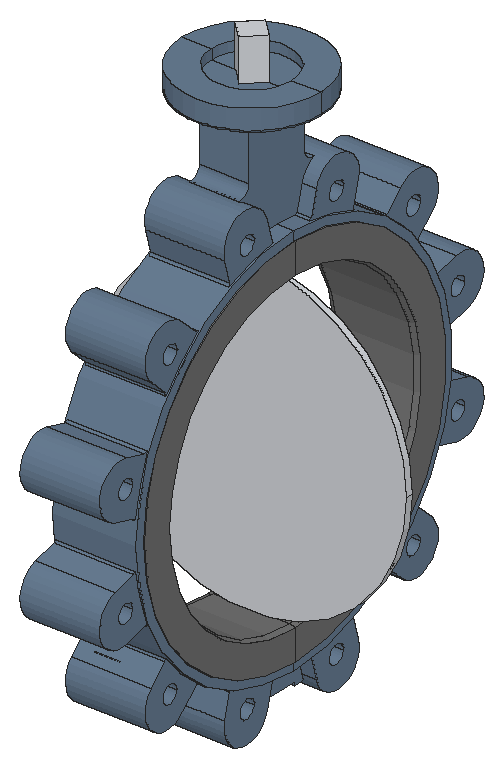
Revit family "Запорно-регулирующая заслонка AF-4219", category Rohrzubehör, Revit 2018 (continued)
Lines and regions (mm)
  model lines, detail levels coarse+medium
    curve 8: line (-39, 0, -183) -> (39, 0, -183)
    curve 9: line (39, 0, -183) -> (39, 0, 183)
    curve 10: line (39, 0, 183) -> (-39, 0, 183)
    curve 11: line (39, 0, -183) -> (-39, 0, 183)
    curve 12: circle (0, 0, 0) r 5 normal (0, -1, 0)
Dimensions and locks
  "H01": Revolve 2 sketch curve to plane 2
  "H02": Revolve 2 sketch curve to Revolve 2 sketch curve
  "R01": Revolve 2 sketch curve to Revolve 2 sketch curve
  "D01": plane 2 to Revolve 1 sketch curve
  "D02": plane 2 to Revolve 1 sketch curve
  "D03": plane 2 to Revolve 1 sketch curve
  "L01": Revolve 1 sketch curve to plane 3 "Mitte (Links/rechts)"
  "L02": plane 3 "Mitte (Links/rechts)" to Revolve 1 sketch curve  (x2)
  "D05": Revolve 6 sketch curve to plane 2
  "D04": Revolve 6 sketch curve to plane 2  (x2)
  "D02": Revolve 6 sketch curve to plane 2  (x2)
  "L03": plane 3 "Mitte (Links/rechts)" to Revolve 6 sketch curve
  "L02": Revolve 6 sketch curve to plane 3 "Mitte (Links/rechts)"
  "L03": Revolve 6 sketch curve to plane 3 "Mitte (Links/rechts)"
  "L01": plane 3 "Mitte (Links/rechts)" to Revolve 1 sketch curve
  "D02": Revolve 1 sketch curve to plane 2
  "L02": plane 3 "Mitte (Links/rechts)" to Revolve 6 sketch curve
  "D03": plane 2 to Revolve 6 sketch curve
  "L04": Revolve 6 sketch curve to plane 3 "Mitte (Links/rechts)" to Revolve 6 sketch curve
  "L01": curve 2 to plane 3 "Mitte (Links/rechts)" to curve 4
  equal spacing: curve 3, curve 6, curve 1
  equal spacing: curve 2, curve 6, curve 4
  "D01": curve 1 to plane 1 "Mitte (Vorne/hinten)" to curve 3
  "L01": curve 7 to curve 12 to curve 9
  "D01": curve 10 to curve 12 to curve 8
  "H03": Revolve 2 sketch curve to Revolve 2 sketch curve
  "R02": Revolve 2 sketch curve to Revolve 2 sketch curve
  equal spacing: Extrusion 24 sketch curve, curve 11, Extrusion 24 sketch curve  (x2)
  "L05": Extrusion 24 sketch curve to Extrusion 24 sketch curve  (x2)
  "H04": Extrusion 24 to plane 2
  "H05": Extrusion 24 to Revolve 2
  "R99": radius of Revolve 2 sketch curve
  "D06": radius of Extrusion 7 sketch curve
  radius of curve 6 = 5.000 mm
  radius of curve 12 = 5.000 mm
  aligned and locked: level to plane 2
Automatic sketch dimensions
  Extrusion 3 sketch curve to Extrusion 3 sketch curve = 0.000 mm  (x20)
  Extrusion 3 sketch curve to level = 0.000 mm
  Extrusion 3 sketch curve to plane 1 "Mitte (Vorne/hinten)" = 0.000 mm
  plane 1 "Mitte (Vorne/hinten)" to Extrusion 3 sketch curve = 18.495 mm  (x2)
  Extrusion 3 sketch curve to Extrusion 3 sketch curve = 1.414 mm  (x16)
  Extrusion 3 sketch curve to Extrusion 3 sketch curve = 12.265 mm  (x8)
  Extrusion 3 sketch curve to level = 19.909 mm  (x2)
  Extrusion 3 sketch curve to Extrusion 3 sketch curve = 24.042 mm  (x8)
  level to Extrusion 3 sketch curve = 19.909 mm  (x2)
  Extrusion 3 sketch curve to Extrusion 3 sketch curve = 12.021 mm  (x12)
  Extrusion 3 sketch curve to plane 1 "Mitte (Vorne/hinten)" = 18.495 mm  (x2)
  Extrusion 3 sketch curve to Extrusion 3 sketch curve = 0.934 mm  (x4)
  Extrusion 4 sketch curve to level = 0.000 mm
  Extrusion 4 sketch curve to plane 1 "Mitte (Vorne/hinten)" = 0.000 mm
  plane 1 "Mitte (Vorne/hinten)" to Extrusion 4 sketch curve = 18.495 mm
  Extrusion 4 sketch curve to Extrusion 4 sketch curve = 1.414 mm  (x4)
  plane 1 "Mitte (Vorne/hinten)" to Extrusion 4 sketch curve = 20.000 mm
  Extrusion 4 sketch curve to Extrusion 4 sketch curve = 12.265 mm  (x2)
  Extrusion 4 sketch curve to Extrusion 4 sketch curve = 15.000 mm  (x2)
  Extrusion 4 sketch curve to Extrusion 4 sketch curve = 12.021 mm  (x4)
  Extrusion 4 sketch curve to plane 1 "Mitte (Vorne/hinten)" = 18.495 mm
  Extrusion 4 sketch curve to plane 1 "Mitte (Vorne/hinten)" = 20.000 mm
  level to Extrusion 4 sketch curve = 43.950 mm
  Extrusion 4 sketch curve to Extrusion 4 sketch curve = 0.000 mm
  Extrusion 4 sketch curve to Extrusion 4 sketch curve = 0.244 mm  (x2)
  Extrusion 4 sketch curve to Extrusion 4 sketch curve = 18.630 mm  (x2)
  Extrusion 4 sketch curve to Extrusion 4 sketch curve = 0.934 mm
  Extrusion 5 sketch curve to level = 0.000 mm
  Extrusion 5 sketch curve to plane 1 "Mitte (Vorne/hinten)" = 0.000 mm
  plane 1 "Mitte (Vorne/hinten)" to Extrusion 5 sketch curve = 15.000 mm
  Extrusion 5 sketch curve to Extrusion 5 sketch curve = 1.963 mm  (x2)
  Extrusion 5 sketch curve to Extrusion 5 sketch curve = 1.531 mm  (x2)
  Extrusion 5 sketch curve to Extrusion 5 sketch curve = 1.414 mm  (x4)
  Extrusion 5 sketch curve to Extrusion 5 sketch curve = 15.210 mm  (x2)
  Extrusion 5 sketch curve to Extrusion 5 sketch curve = 1.660 mm  (x2)
  Extrusion 5 sketch curve to Extrusion 5 sketch curve = 12.021 mm  (x3)
  Extrusion 5 sketch curve to plane 1 "Mitte (Vorne/hinten)" = 15.000 mm
  Extrusion 5 sketch curve to Extrusion 5 sketch curve = 1.037 mm  (x2)
  Extrusion 5 sketch curve to Extrusion 5 sketch curve = 1.400 mm  (x2)
  Extrusion 5 sketch curve to Extrusion 5 sketch curve = 1.785 mm  (x2)
  Extrusion 5 sketch curve to Extrusion 5 sketch curve = 12.635 mm  (x2)
  Extrusion 5 sketch curve to Extrusion 5 sketch curve = 0.934 mm
  Extrusion 5 sketch curve to Extrusion 5 sketch curve = 0.788 mm  (x2)
  Extrusion 5 sketch curve to Extrusion 5 sketch curve = 0.000 mm  (x2)
  Extrusion 4 sketch curve to Extrusion 4 sketch curve = 37.155 mm
  Extrusion 5 sketch curve to level = 43.950 mm
  Extrusion 8 sketch curve to Extrusion 8 sketch curve = 0.000 mm  (x12)
  Extrusion 8 sketch curve to level = 39.244 mm  (x2)
  plane 1 "Mitte (Vorne/hinten)" to Extrusion 8 sketch curve = 63.286 mm
  level to Extrusion 8 sketch curve = 39.244 mm  (x2)
  Extrusion 8 sketch curve to Extrusion 8 sketch curve = 9.190 mm  (x2)
  level to Extrusion 8 sketch curve = 28.614 mm  (x2)
  Extrusion 8 sketch curve to Extrusion 8 sketch curve = 1.441 mm  (x8)
  Extrusion 8 sketch curve to level = 28.614 mm  (x2)
  Extrusion 8 sketch curve to Extrusion 8 sketch curve = 12.021 mm  (x6)
  level to Extrusion 8 sketch curve = 63.286 mm  (x2)
  Extrusion 8 sketch curve to level = 63.286 mm  (x2)
  level to Extrusion 8 sketch curve = 52.636 mm  (x2)
  Extrusion 8 sketch curve to Extrusion 8 sketch curve = 10.650 mm  (x4)
  Extrusion 8 sketch curve to level = 52.636 mm  (x2)
  Extrusion 8 sketch curve to Extrusion 8 sketch curve = 1.414 mm  (x8)
  level to Extrusion 8 sketch curve = 0.001 mm  (x2)
  Extrusion 8 sketch curve to Extrusion 8 sketch curve = 28.594 mm
  Extrusion 8 sketch curve to level = 0.001 mm  (x2)
  Extrusion 8 sketch curve to Extrusion 8 sketch curve = 0.001 mm  (x2)
  Extrusion 8 sketch curve to Extrusion 8 sketch curve = 54.361 mm  (x2)
  Extrusion 8 sketch curve to Extrusion 8 sketch curve = 1.390 mm  (x2)
  Extrusion 8 sketch curve to Extrusion 8 sketch curve = 10.630 mm  (x2)
  Extrusion 8 sketch curve to Extrusion 8 sketch curve = 1.832 mm  (x2)
  Extrusion 9 sketch curve to Extrusion 9 sketch curve = 0.000 mm  (x5)
  Extrusion 9 sketch curve to level = 0.000 mm
  Extrusion 9 sketch curve to level = 51.265 mm
  plane 1 "Mitte (Vorne/hinten)" to Extrusion 9 sketch curve = 51.265 mm
  level to Extrusion 9 sketch curve = 51.265 mm
  Extrusion 9 sketch curve to Extrusion 9 sketch curve = 9.247 mm  (x3)
  Extrusion 9 sketch curve to level = 63.286 mm  (x2)
  Extrusion 9 sketch curve to Extrusion 9 sketch curve = 2.774 mm  (x4)
  level to Extrusion 9 sketch curve = 63.286 mm  (x2)
  Extrusion 9 sketch curve to Extrusion 9 sketch curve = 2.244 mm  (x2)
  Extrusion 9 sketch curve to Extrusion 9 sketch curve = 0.183 mm  (x2)
  level to Extrusion 9 sketch curve = 52.636 mm  (x2)
  Extrusion 9 sketch curve to Extrusion 9 sketch curve = 10.650 mm  (x3)
  Extrusion 9 sketch curve to level = 52.636 mm  (x2)
  Extrusion 9 sketch curve to Extrusion 9 sketch curve = 1.414 mm  (x8)
  Extrusion 9 sketch curve to Extrusion 9 sketch curve = 14.817 mm  (x2)
  Extrusion 9 sketch curve to Extrusion 9 sketch curve = 7.210 mm
  Extrusion 9 sketch curve to Extrusion 9 sketch curve = 1.971 mm
  Extrusion 9 sketch curve to Extrusion 9 sketch curve = 28.595 mm
  Extrusion 9 sketch curve to Extrusion 9 sketch curve = 36.000 mm
  Extrusion 9 sketch curve to Extrusion 9 sketch curve = 1.997 mm
  Extrusion 9 sketch curve to Extrusion 9 sketch curve = 44.000 mm
  Extrusion 9 sketch curve to Extrusion 9 sketch curve = 5.181 mm
  Extrusion 9 sketch curve to Extrusion 9 sketch curve = 7.184 mm
  Extrusion 9 sketch curve to Extrusion 9 sketch curve = 12.021 mm  (x2)
  Extrusion 9 sketch curve to Extrusion 9 sketch curve = 14.891 mm
  Extrusion 9 sketch curve to Extrusion 9 sketch curve = 6.473 mm
  Extrusion 9 sketch curve to Extrusion 9 sketch curve = 12.756 mm  (x2)
  Extrusion 9 sketch curve to Extrusion 9 sketch curve = 55.987 mm
  Extrusion 10 sketch curve to Extrusion 10 sketch curve = 0.000 mm  (x48)
  level to Extrusion 10 sketch curve = 14.909 mm  (x2)
  plane 1 "Mitte (Vorne/hinten)" to Extrusion 10 sketch curve = 80.416 mm
  Extrusion 10 sketch curve to level = 14.909 mm  (x2)
  Extrusion 10 sketch curve to Extrusion 10 sketch curve = 6.506 mm  (x6)
  Extrusion 10 sketch curve to level = 46.321 mm  (x2)
  level to Extrusion 10 sketch curve = 46.321 mm  (x2)
  Extrusion 10 sketch curve to level = 7.243 mm
  Extrusion 10 sketch curve to Extrusion 10 sketch curve = 13.321 mm
  level to Extrusion 10 sketch curve = 7.243 mm
  Extrusion 10 sketch curve to level = 9.076 mm  (x2)
  Extrusion 10 sketch curve to Extrusion 10 sketch curve = 0.759 mm  (x8)
  level to Extrusion 10 sketch curve = 9.076 mm  (x2)
  level to Extrusion 10 sketch curve = 40.487 mm  (x2)
  Extrusion 10 sketch curve to Extrusion 10 sketch curve = 14.082 mm  (x4)
  Extrusion 10 sketch curve to level = 40.487 mm  (x2)
  Extrusion 10 sketch curve to Extrusion 10 sketch curve = 0.758 mm  (x8)
  level to Extrusion 10 sketch curve = 67.405 mm  (x2)
  Extrusion 10 sketch curve to Extrusion 10 sketch curve = 6.243 mm  (x2)
  Extrusion 10 sketch curve to level = 67.405 mm  (x2)
  Extrusion 10 sketch curve to Extrusion 10 sketch curve = 10.245 mm  (x4)
  level to Extrusion 10 sketch curve = 53.322 mm  (x2)
  Extrusion 10 sketch curve to Extrusion 10 sketch curve = 1.831 mm  (x8)
  Extrusion 10 sketch curve to level = 53.322 mm  (x2)
  Extrusion 10 sketch curve to Extrusion 10 sketch curve = 15.706 mm  (x6)
  level to Extrusion 10 sketch curve = 80.416 mm  (x2)
  Extrusion 10 sketch curve to level = 80.416 mm  (x2)
  Extrusion 10 sketch curve to level = 66.335 mm  (x2)
  Extrusion 10 sketch curve to Extrusion 10 sketch curve = 5.832 mm  (x4)
  level to Extrusion 10 sketch curve = 66.335 mm  (x2)
  Extrusion 10 sketch curve to Extrusion 10 sketch curve = 1.833 mm  (x6)
  level to Extrusion 10 sketch curve = 0.000 mm
  Extrusion 10 sketch curve to Extrusion 10 sketch curve = 14.486 mm  (x2)
  Extrusion 10 sketch curve to Extrusion 10 sketch curve = 9.873 mm  (x2)
  Extrusion 10 sketch curve to Extrusion 10 sketch curve = 5.833 mm  (x2)
  Extrusion 10 sketch curve to Extrusion 10 sketch curve = 13.013 mm
  Extrusion 10 sketch curve to Extrusion 10 sketch curve = 14.081 mm  (x2)
  Extrusion 10 sketch curve to Extrusion 10 sketch curve = 1.973 mm  (x4)
  Extrusion 10 sketch curve to Extrusion 10 sketch curve = 1.544 mm  (x4)
  Extrusion 10 sketch curve to Extrusion 10 sketch curve = 1.243 mm  (x3)
  Extrusion 10 sketch curve to Extrusion 10 sketch curve = 0.211 mm  (x2)
  Extrusion 10 sketch curve to Extrusion 10 sketch curve = 0.002 mm  (x5)
  Extrusion 10 sketch curve to Extrusion 10 sketch curve = 0.213 mm  (x2)
  Extrusion 10 sketch curve to Extrusion 10 sketch curve = 41.076 mm
  Extrusion 10 sketch curve to level = 0.000 mm
  level to Extrusion 11 sketch curve = 100.814 mm
  plane 1 "Mitte (Vorne/hinten)" to Extrusion 11 sketch curve = 32.000 mm
  Extrusion 11 sketch curve to Extrusion 11 sketch curve = 1.385 mm
  Extrusion 11 sketch curve to Extrusion 11 sketch curve = 10.000 mm  (x2)
  Extrusion 11 sketch curve to level = 80.416 mm
  Extrusion 11 sketch curve to Extrusion 11 sketch curve = 15.706 mm  (x3)
  level to Extrusion 11 sketch curve = 80.416 mm  (x2)
  Extrusion 11 sketch curve to Extrusion 11 sketch curve = 1.409 mm
  Extrusion 11 sketch curve to level = 66.335 mm  (x2)
  Extrusion 11 sketch curve to Extrusion 11 sketch curve = 5.832 mm  (x3)
  level to Extrusion 11 sketch curve = 66.335 mm  (x2)
  Extrusion 11 sketch curve to Extrusion 11 sketch curve = 1.833 mm  (x4)
  level to Extrusion 11 sketch curve = 0.554 mm
  Extrusion 11 sketch curve to Extrusion 11 sketch curve = 9.076 mm
  Extrusion 11 sketch curve to level = 0.554 mm
  Extrusion 11 sketch curve to Extrusion 11 sketch curve = 0.000 mm  (x3)
  Extrusion 11 sketch curve to Extrusion 11 sketch curve = 14.486 mm  (x2)
  Extrusion 11 sketch curve to Extrusion 11 sketch curve = 44.000 mm
  Extrusion 11 sketch curve to Extrusion 11 sketch curve = 0.759 mm  (x4)
  Extrusion 11 sketch curve to Extrusion 11 sketch curve = 6.506 mm
  Extrusion 11 sketch curve to Extrusion 11 sketch curve = 42.686 mm
  Extrusion 11 sketch curve to level = 80.371 mm
  Extrusion 11 sketch curve to Extrusion 11 sketch curve = 1.390 mm
  Extrusion 11 sketch curve to Extrusion 11 sketch curve = 27.000 mm
  Extrusion 12 sketch curve to Extrusion 12 sketch curve = 0.000 mm  (x40)
  Extrusion 12 sketch curve to level = 0.000 mm
  level to Extrusion 12 sketch curve = 18.736 mm  (x2)
  plane 1 "Mitte (Vorne/hinten)" to Extrusion 12 sketch curve = 89.655 mm
  Extrusion 12 sketch curve to level = 18.736 mm  (x2)
  Extrusion 12 sketch curve to Extrusion 12 sketch curve = 6.506 mm  (x6)
  Extrusion 12 sketch curve to level = 50.147 mm  (x2)
  level to Extrusion 12 sketch curve = 50.147 mm  (x2)
  Extrusion 12 sketch curve to Extrusion 12 sketch curve = 13.415 mm  (x2)
  Extrusion 12 sketch curve to level = 12.858 mm  (x2)
  Extrusion 12 sketch curve to Extrusion 12 sketch curve = 0.776 mm  (x8)
  level to Extrusion 12 sketch curve = 12.858 mm  (x2)
  Extrusion 12 sketch curve to level = 44.269 mm  (x2)
  Extrusion 12 sketch curve to Extrusion 12 sketch curve = 14.192 mm  (x4)
  level to Extrusion 12 sketch curve = 44.269 mm  (x2)
  Extrusion 12 sketch curve to Extrusion 12 sketch curve = 0.775 mm  (x8)
  level to Extrusion 12 sketch curve = 76.644 mm  (x2)
  Extrusion 12 sketch curve to Extrusion 12 sketch curve = 11.529 mm  (x2)
  Extrusion 12 sketch curve to level = 76.644 mm  (x2)
  Extrusion 12 sketch curve to Extrusion 12 sketch curve = 4.008 mm  (x2)
  level to Extrusion 12 sketch curve = 62.451 mm  (x2)
  Extrusion 12 sketch curve to Extrusion 12 sketch curve = 1.871 mm  (x8)
  Extrusion 12 sketch curve to level = 62.451 mm  (x2)
  Extrusion 12 sketch curve to Extrusion 12 sketch curve = 15.706 mm  (x6)
  level to Extrusion 12 sketch curve = 89.655 mm  (x2)
  Extrusion 12 sketch curve to level = 89.655 mm  (x2)
  Extrusion 12 sketch curve to level = 75.464 mm  (x2)
  Extrusion 12 sketch curve to Extrusion 12 sketch curve = 5.878 mm  (x4)
  level to Extrusion 12 sketch curve = 75.464 mm  (x2)
  Extrusion 12 sketch curve to Extrusion 12 sketch curve = 1.873 mm  (x8)
  Extrusion 12 sketch curve to Extrusion 12 sketch curve = 21.969 mm  (x2)
  Extrusion 12 sketch curve to Extrusion 12 sketch curve = 9.827 mm  (x2)
  Extrusion 12 sketch curve to Extrusion 12 sketch curve = 5.879 mm  (x2)
  Extrusion 12 sketch curve to Extrusion 12 sketch curve = 15.537 mm  (x2)
  Extrusion 12 sketch curve to Extrusion 12 sketch curve = 13.013 mm
  Extrusion 12 sketch curve to Extrusion 12 sketch curve = 14.190 mm  (x2)
  Extrusion 12 sketch curve to Extrusion 12 sketch curve = 44.269 mm
  Extrusion 13 sketch curve to Extrusion 13 sketch curve = 0.000 mm  (x5)
  Extrusion 13 sketch curve to level = 0.000 mm
  level to Extrusion 13 sketch curve = 114.470 mm
  plane 1 "Mitte (Vorne/hinten)" to Extrusion 13 sketch curve = 41.000 mm
  Extrusion 13 sketch curve to level = 83.149 mm
  Extrusion 13 sketch curve to Extrusion 13 sketch curve = 6.558 mm  (x2)
  Extrusion 13 sketch curve to Extrusion 13 sketch curve = 15.000 mm  (x2)
  level to Extrusion 13 sketch curve = 89.655 mm  (x2)
  Extrusion 13 sketch curve to Extrusion 13 sketch curve = 15.706 mm  (x2)
  Extrusion 13 sketch curve to Extrusion 13 sketch curve = 5.236 mm  (x2)
  level to Extrusion 13 sketch curve = 75.464 mm  (x2)
  Extrusion 13 sketch curve to Extrusion 13 sketch curve = 5.878 mm  (x3)
  Extrusion 13 sketch curve to level = 75.464 mm  (x2)
  Extrusion 13 sketch curve to Extrusion 13 sketch curve = 1.873 mm  (x4)
  Extrusion 13 sketch curve to Extrusion 13 sketch curve = 12.858 mm
  Extrusion 13 sketch curve to Extrusion 13 sketch curve = 21.969 mm
  Extrusion 13 sketch curve to Extrusion 13 sketch curve = 3.345 mm
  Extrusion 13 sketch curve to Extrusion 13 sketch curve = 3.000 mm  (x2)
  Extrusion 13 sketch curve to Extrusion 13 sketch curve = 6.506 mm  (x3)
  Extrusion 13 sketch curve to Extrusion 13 sketch curve = 0.776 mm  (x4)
  Extrusion 13 sketch curve to Extrusion 13 sketch curve = 31.321 mm
  Extrusion 13 sketch curve to Extrusion 13 sketch curve = 52.530 mm
  Extrusion 13 sketch curve to Extrusion 13 sketch curve = 11.129 mm  (x2)
  Extrusion 13 sketch curve to Extrusion 13 sketch curve = 9.812 mm  (x2)
  Extrusion 13 sketch curve to Extrusion 13 sketch curve = 3.078 mm
  Extrusion 13 sketch curve to Extrusion 13 sketch curve = 21.680 mm
  Extrusion 13 sketch curve to Extrusion 13 sketch curve = 2.515 mm
  Extrusion 13 sketch curve to Extrusion 13 sketch curve = 52.000 mm
  Extrusion 14 sketch curve to Extrusion 14 sketch curve = 0.000 mm  (x22)
  Extrusion 14 sketch curve to level = 24.476 mm  (x2)
  plane 1 "Mitte (Vorne/hinten)" to Extrusion 14 sketch curve = 103.513 mm
  level to Extrusion 14 sketch curve = 24.476 mm  (x2)
  Extrusion 14 sketch curve to Extrusion 14 sketch curve = 6.506 mm  (x6)
  Extrusion 14 sketch curve to Extrusion 14 sketch curve = 11.623 mm  (x2)
  Extrusion 14 sketch curve to level = 19.351 mm  (x2)
  Extrusion 14 sketch curve to Extrusion 14 sketch curve = 0.749 mm  (x8)
  level to Extrusion 14 sketch curve = 19.351 mm  (x2)
  Extrusion 14 sketch curve to level = 55.888 mm  (x2)
  level to Extrusion 14 sketch curve = 55.888 mm  (x2)
  Extrusion 14 sketch curve to level = 50.783 mm  (x2)
  Extrusion 14 sketch curve to Extrusion 14 sketch curve = 12.323 mm  (x4)
  level to Extrusion 14 sketch curve = 50.783 mm  (x2)
  Extrusion 14 sketch curve to Extrusion 14 sketch curve = 0.774 mm  (x8)
  level to Extrusion 14 sketch curve = 90.502 mm  (x2)
  Extrusion 14 sketch curve to Extrusion 14 sketch curve = 21.517 mm  (x2)
  Extrusion 14 sketch curve to level = 90.502 mm  (x2)
  Extrusion 14 sketch curve to Extrusion 14 sketch curve = 3.235 mm  (x2)
  Extrusion 14 sketch curve to level = 78.179 mm  (x2)
  Extrusion 14 sketch curve to Extrusion 14 sketch curve = 1.869 mm  (x8)
  level to Extrusion 14 sketch curve = 78.179 mm  (x2)
  Extrusion 14 sketch curve to Extrusion 14 sketch curve = 15.706 mm  (x6)
  level to Extrusion 14 sketch curve = 103.513 mm  (x2)
  Extrusion 14 sketch curve to level = 103.513 mm  (x2)
  level to Extrusion 14 sketch curve = 91.141 mm  (x2)
  Extrusion 14 sketch curve to Extrusion 14 sketch curve = 5.125 mm  (x4)
  Extrusion 14 sketch curve to level = 91.141 mm  (x2)
  Extrusion 14 sketch curve to Extrusion 14 sketch curve = 1.809 mm  (x8)
  Extrusion 14 sketch curve to level = 0.103 mm  (x2)
  Extrusion 14 sketch curve to Extrusion 14 sketch curve = 90.896 mm
  level to Extrusion 14 sketch curve = 0.103 mm  (x2)
  Extrusion 14 sketch curve to Extrusion 14 sketch curve = 0.142 mm  (x7)
  Extrusion 14 sketch curve to Extrusion 14 sketch curve = 0.207 mm  (x2)
  Extrusion 14 sketch curve to Extrusion 14 sketch curve = 35.084 mm  (x2)
  Extrusion 14 sketch curve to Extrusion 14 sketch curve = 10.601 mm  (x2)
  Extrusion 14 sketch curve to Extrusion 14 sketch curve = 5.104 mm  (x2)
  Extrusion 14 sketch curve to Extrusion 14 sketch curve = 24.752 mm  (x2)
  Extrusion 14 sketch curve to Extrusion 14 sketch curve = 12.962 mm  (x2)
  Extrusion 14 sketch curve to Extrusion 14 sketch curve = 12.372 mm  (x2)
  Extrusion 14 sketch curve to level = 0.245 mm
  Extrusion 14 sketch curve to Extrusion 14 sketch curve = 1.933 mm  (x2)
  Extrusion 14 sketch curve to Extrusion 14 sketch curve = 0.314 mm  (x2)
  level to Extrusion 15 sketch curve = 97.007 mm
  plane 1 "Mitte (Vorne/hinten)" to Extrusion 15 sketch curve = 40.182 mm
  Extrusion 15 sketch curve to level = 97.007 mm
  Extrusion 15 sketch curve to Extrusion 15 sketch curve = 0.000 mm  (x7)
  Extrusion 15 sketch curve to Extrusion 15 sketch curve = 4.132 mm
  Extrusion 15 sketch curve to Extrusion 15 sketch curve = 10.048 mm  (x2)
  Extrusion 15 sketch curve to Extrusion 15 sketch curve = 15.706 mm  (x3)
  level to Extrusion 15 sketch curve = 103.513 mm  (x2)
  level to Extrusion 15 sketch curve = 91.141 mm  (x2)
  Extrusion 15 sketch curve to Extrusion 15 sketch curve = 5.125 mm  (x3)
  Extrusion 15 sketch curve to level = 91.141 mm  (x2)
  Extrusion 15 sketch curve to Extrusion 15 sketch curve = 1.809 mm  (x4)
  Extrusion 15 sketch curve to Extrusion 15 sketch curve = 10.974 mm  (x2)
  Extrusion 15 sketch curve to level = 0.111 mm
  Extrusion 15 sketch curve to Extrusion 15 sketch curve = 19.350 mm
  level to Extrusion 15 sketch curve = 0.111 mm
  Extrusion 15 sketch curve to Extrusion 15 sketch curve = 35.081 mm
  Extrusion 15 sketch curve to Extrusion 15 sketch curve = 4.041 mm
  Extrusion 15 sketch curve to level = 103.513 mm
  Extrusion 15 sketch curve to Extrusion 15 sketch curve = 9.998 mm  (x2)
  Extrusion 15 sketch curve to Extrusion 15 sketch curve = 3.000 mm
  Extrusion 15 sketch curve to Extrusion 15 sketch curve = 6.505 mm  (x2)
  Extrusion 15 sketch curve to Extrusion 15 sketch curve = 0.749 mm  (x4)
  Extrusion 15 sketch curve to Extrusion 15 sketch curve = 20.176 mm  (x2)
  Extrusion 15 sketch curve to Extrusion 15 sketch curve = 62.311 mm
  Extrusion 15 sketch curve to Extrusion 15 sketch curve = 0.048 mm
  Extrusion 15 sketch curve to Extrusion 15 sketch curve = 11.626 mm  (x2)
  Extrusion 15 sketch curve to Extrusion 15 sketch curve = 27.000 mm
  Extrusion 15 sketch curve to Extrusion 15 sketch curve = 52.000 mm
  Extrusion 16 sketch curve to Extrusion 16 sketch curve = 0.000 mm  (x23)
  Extrusion 16 sketch curve to level = 26.521 mm  (x2)
  plane 1 "Mitte (Vorne/hinten)" to Extrusion 16 sketch curve = 118.902 mm
  level to Extrusion 16 sketch curve = 26.521 mm  (x2)
  Extrusion 16 sketch curve to Extrusion 16 sketch curve = 8.036 mm  (x6)
  Extrusion 16 sketch curve to Extrusion 16 sketch curve = 15.875 mm  (x2)
  level to Extrusion 16 sketch curve = 65.323 mm  (x2)
  Extrusion 16 sketch curve to level = 65.323 mm  (x2)
  level to Extrusion 16 sketch curve = 19.621 mm  (x2)
  Extrusion 16 sketch curve to Extrusion 16 sketch curve = 0.782 mm  (x8)
  Extrusion 16 sketch curve to level = 19.621 mm  (x2)
  Extrusion 16 sketch curve to level = 58.409 mm  (x2)
  Extrusion 16 sketch curve to Extrusion 16 sketch curve = 16.693 mm  (x4)
  level to Extrusion 16 sketch curve = 58.409 mm  (x2)
  Extrusion 16 sketch curve to Extrusion 16 sketch curve = 0.763 mm  (x8)
  Extrusion 16 sketch curve to level = 102.829 mm  (x2)
  Extrusion 16 sketch curve to Extrusion 16 sketch curve = 20.050 mm  (x2)
  level to Extrusion 16 sketch curve = 102.829 mm  (x2)
  Extrusion 16 sketch curve to Extrusion 16 sketch curve = 5.074 mm  (x2)
  level to Extrusion 16 sketch curve = 86.136 mm  (x2)
  Extrusion 16 sketch curve to Extrusion 16 sketch curve = 1.841 mm  (x8)
  Extrusion 16 sketch curve to level = 86.136 mm  (x2)
  Extrusion 16 sketch curve to Extrusion 16 sketch curve = 19.401 mm  (x6)
  level to Extrusion 16 sketch curve = 118.902 mm  (x2)
  Extrusion 16 sketch curve to level = 118.902 mm  (x2)
  level to Extrusion 16 sketch curve = 102.246 mm  (x2)
  Extrusion 16 sketch curve to Extrusion 16 sketch curve = 6.899 mm  (x4)
  Extrusion 16 sketch curve to level = 102.246 mm  (x2)
  Extrusion 16 sketch curve to Extrusion 16 sketch curve = 1.887 mm  (x8)
  level to Extrusion 16 sketch curve = 0.002 mm  (x2)
  Extrusion 16 sketch curve to Extrusion 16 sketch curve = 86.133 mm
  Extrusion 16 sketch curve to level = 0.002 mm
  Extrusion 16 sketch curve to Extrusion 16 sketch curve = 0.001 mm  (x8)
  Extrusion 16 sketch curve to Extrusion 16 sketch curve = 35.469 mm  (x2)
  Extrusion 16 sketch curve to Extrusion 16 sketch curve = 12.487 mm  (x2)
  Extrusion 16 sketch curve to Extrusion 16 sketch curve = 6.914 mm  (x2)
  Extrusion 16 sketch curve to Extrusion 16 sketch curve = 25.124 mm  (x2)
  Extrusion 16 sketch curve to Extrusion 16 sketch curve = 16.110 mm
  Extrusion 16 sketch curve to Extrusion 16 sketch curve = 16.656 mm  (x2)
  Extrusion 16 sketch curve to level = 0.003 mm
  Extrusion 16 sketch curve to Extrusion 16 sketch curve = 2.019 mm  (x2)
  Extrusion 16 sketch curve to Extrusion 16 sketch curve = 0.309 mm  (x2)
  Extrusion 16 sketch curve to Extrusion 16 sketch curve = 0.004 mm  (x2)
  Extrusion 17 sketch curve to Extrusion 17 sketch curve = 0.000 mm  (x7)
  Extrusion 17 sketch curve to level = 0.000 mm
  Extrusion 17 sketch curve to plane 1 "Mitte (Vorne/hinten)" = 0.000 mm
  plane 1 "Mitte (Vorne/hinten)" to Extrusion 17 sketch curve = 13.500 mm
  plane 1 "Mitte (Vorne/hinten)" to Extrusion 17 sketch curve = 17.734 mm  (x2)
  Extrusion 17 sketch curve to Extrusion 17 sketch curve = 1.887 mm  (x4)
  plane 1 "Mitte (Vorne/hinten)" to Extrusion 17 sketch curve = 26.000 mm
  Extrusion 17 sketch curve to Extrusion 17 sketch curve = 0.521 mm
  Extrusion 17 sketch curve to Extrusion 17 sketch curve = 13.021 mm  (x2)
  Extrusion 17 sketch curve to Extrusion 17 sketch curve = 4.341 mm  (x2)
  Extrusion 17 sketch curve to Extrusion 17 sketch curve = 10.000 mm  (x2)
  Extrusion 17 sketch curve to Extrusion 17 sketch curve = 19.401 mm  (x4)
  Extrusion 17 sketch curve to plane 1 "Mitte (Vorne/hinten)" = 13.500 mm
  Extrusion 17 sketch curve to plane 1 "Mitte (Vorne/hinten)" = 17.734 mm  (x2)
  Extrusion 17 sketch curve to Extrusion 17 sketch curve = 6.899 mm
  Extrusion 17 sketch curve to level = 102.246 mm
  Extrusion 17 sketch curve to Extrusion 17 sketch curve = 0.782 mm  (x4)
  Extrusion 17 sketch curve to Extrusion 17 sketch curve = 8.620 mm  (x4)
  Extrusion 17 sketch curve to Extrusion 17 sketch curve = 16.656 mm  (x4)
  Extrusion 17 sketch curve to Extrusion 17 sketch curve = 3.000 mm
  level to Extrusion 17 sketch curve = 102.246 mm
  Extrusion 17 sketch curve to Extrusion 17 sketch curve = 16.098 mm  (x2)
  Extrusion 17 sketch curve to Extrusion 17 sketch curve = 64.000 mm
  Extrusion 17 sketch curve to Extrusion 17 sketch curve = 4.938 mm
  Extrusion 18 sketch curve to Extrusion 18 sketch curve = 0.000 mm  (x62)
  Extrusion 18 sketch curve to level = 0.000 mm
  Extrusion 18 sketch curve to level = 17.891 mm  (x2)
  plane 1 "Mitte (Vorne/hinten)" to Extrusion 18 sketch curve = 147.909 mm
  level to Extrusion 18 sketch curve = 17.891 mm  (x2)
  Extrusion 18 sketch curve to Extrusion 18 sketch curve = 5.435 mm  (x6)
  Extrusion 18 sketch curve to level = 58.460 mm  (x2)
  level to Extrusion 18 sketch curve = 58.460 mm  (x2)
  Extrusion 18 sketch curve to Extrusion 18 sketch curve = 15.462 mm  (x2)
  level to Extrusion 18 sketch curve = 13.612 mm  (x2)
  Extrusion 18 sketch curve to Extrusion 18 sketch curve = 0.509 mm  (x8)
  Extrusion 18 sketch curve to level = 13.612 mm  (x2)
  Extrusion 18 sketch curve to level = 54.199 mm  (x2)
  Extrusion 18 sketch curve to Extrusion 18 sketch curve = 15.903 mm  (x4)
  level to Extrusion 18 sketch curve = 54.199 mm  (x2)
  Extrusion 18 sketch curve to Extrusion 18 sketch curve = 0.530 mm  (x8)
  Extrusion 18 sketch curve to level = 89.449 mm  (x2)
  Extrusion 18 sketch curve to Extrusion 18 sketch curve = 1.459 mm  (x2)
  level to Extrusion 18 sketch curve = 89.449 mm  (x2)
  Extrusion 18 sketch curve to Extrusion 18 sketch curve = 10.302 mm  (x2)
  Extrusion 18 sketch curve to level = 77.758 mm  (x2)
  Extrusion 18 sketch curve to Extrusion 18 sketch curve = 1.389 mm  (x8)
  level to Extrusion 18 sketch curve = 77.758 mm  (x2)
  Extrusion 18 sketch curve to Extrusion 18 sketch curve = 14.849 mm  (x6)
  Extrusion 18 sketch curve to level = 119.147 mm  (x2)
  level to Extrusion 18 sketch curve = 119.147 mm  (x2)
  level to Extrusion 18 sketch curve = 107.506 mm  (x2)
  Extrusion 18 sketch curve to Extrusion 18 sketch curve = 11.642 mm  (x4)
  Extrusion 18 sketch curve to level = 107.506 mm  (x2)
  Extrusion 18 sketch curve to Extrusion 18 sketch curve = 1.448 mm  (x8)
  level to Extrusion 18 sketch curve = 137.039 mm  (x2)
  Extrusion 18 sketch curve to Extrusion 18 sketch curve = 17.899 mm  (x2)
  Extrusion 18 sketch curve to level = 137.039 mm  (x2)
  Extrusion 18 sketch curve to Extrusion 18 sketch curve = 2.283 mm  (x2)
  Extrusion 18 sketch curve to level = 121.136 mm  (x2)
  Extrusion 18 sketch curve to Extrusion 18 sketch curve = 1.978 mm  (x8)
  level to Extrusion 18 sketch curve = 121.136 mm  (x2)
  Extrusion 18 sketch curve to Extrusion 18 sketch curve = 20.284 mm  (x6)
  Extrusion 18 sketch curve to level = 147.909 mm  (x2)
  level to Extrusion 18 sketch curve = 147.909 mm  (x2)
  level to Extrusion 18 sketch curve = 131.939 mm  (x2)
  Extrusion 18 sketch curve to Extrusion 18 sketch curve = 4.279 mm  (x4)
  Extrusion 18 sketch curve to level = 131.939 mm  (x2)
  Extrusion 18 sketch curve to Extrusion 18 sketch curve = 1.898 mm  (x8)
  Extrusion 18 sketch curve to Extrusion 18 sketch curve = 13.612 mm
  Extrusion 18 sketch curve to Extrusion 18 sketch curve = 23.429 mm  (x2)
  Extrusion 18 sketch curve to Extrusion 18 sketch curve = 16.023 mm  (x2)
  Extrusion 18 sketch curve to Extrusion 18 sketch curve = 4.261 mm  (x2)
  Extrusion 18 sketch curve to Extrusion 18 sketch curve = 20.183 mm  (x2)
  Extrusion 18 sketch curve to Extrusion 18 sketch curve = 3.158 mm  (x2)
  Extrusion 18 sketch curve to Extrusion 18 sketch curve = 11.691 mm  (x2)
  Extrusion 18 sketch curve to Extrusion 18 sketch curve = 11.760 mm  (x2)
  Extrusion 18 sketch curve to Extrusion 18 sketch curve = 10.803 mm
  Extrusion 18 sketch curve to Extrusion 18 sketch curve = 15.970 mm  (x2)
  Extrusion 19 sketch curve to Extrusion 19 sketch curve = 0.000 mm  (x5)
  Extrusion 19 sketch curve to level = 0.000 mm
  Extrusion 19 sketch curve to level = 142.474 mm
  plane 1 "Mitte (Vorne/hinten)" to Extrusion 19 sketch curve = 38.176 mm
  level to Extrusion 19 sketch curve = 142.474 mm
  Extrusion 19 sketch curve to Extrusion 19 sketch curve = 8.163 mm
  Extrusion 19 sketch curve to Extrusion 19 sketch curve = 2.013 mm  (x2)
  Extrusion 19 sketch curve to level = 147.909 mm
  Extrusion 19 sketch curve to Extrusion 19 sketch curve = 20.284 mm  (x3)
  level to Extrusion 19 sketch curve = 147.909 mm  (x2)
  Extrusion 19 sketch curve to Extrusion 19 sketch curve = 10.109 mm
  Extrusion 19 sketch curve to level = 131.939 mm  (x2)
  Extrusion 19 sketch curve to Extrusion 19 sketch curve = 4.279 mm  (x4)
  level to Extrusion 19 sketch curve = 131.939 mm  (x2)
  Extrusion 19 sketch curve to Extrusion 19 sketch curve = 1.898 mm  (x4)
  Extrusion 19 sketch curve to Extrusion 19 sketch curve = 13.612 mm
  Extrusion 19 sketch curve to Extrusion 19 sketch curve = 23.429 mm  (x2)
  Extrusion 19 sketch curve to Extrusion 19 sketch curve = 56.000 mm
  Extrusion 19 sketch curve to Extrusion 19 sketch curve = 5.435 mm  (x2)
  Extrusion 19 sketch curve to Extrusion 19 sketch curve = 0.509 mm  (x4)
  Extrusion 19 sketch curve to Extrusion 19 sketch curve = 16.081 mm  (x2)
  Extrusion 19 sketch curve to Extrusion 19 sketch curve = 66.010 mm
  Extrusion 19 sketch curve to Extrusion 19 sketch curve = 1.832 mm  (x2)
  Extrusion 19 sketch curve to Extrusion 19 sketch curve = 0.173 mm
  Extrusion 20 sketch curve to level = 22.097 mm  (x2)
  plane 1 "Mitte (Vorne/hinten)" to Extrusion 20 sketch curve = 177.618 mm
  level to Extrusion 20 sketch curve = 22.097 mm  (x2)
  Extrusion 20 sketch curve to Extrusion 20 sketch curve = 0.000 mm  (x17)
  Extrusion 20 sketch curve to Extrusion 20 sketch curve = 6.470 mm  (x4)
  Extrusion 20 sketch curve to Extrusion 20 sketch curve = 2.415 mm  (x8)
  level to Extrusion 20 sketch curve = 70.393 mm  (x2)
  Extrusion 20 sketch curve to level = 70.393 mm  (x2)
  Extrusion 20 sketch curve to Extrusion 20 sketch curve = 18.556 mm  (x2)
  Extrusion 20 sketch curve to level = 16.983 mm  (x2)
  Extrusion 20 sketch curve to Extrusion 20 sketch curve = 0.529 mm  (x16)
  level to Extrusion 20 sketch curve = 16.983 mm  (x2)
  level to Extrusion 20 sketch curve = 65.280 mm  (x2)
  Extrusion 20 sketch curve to Extrusion 20 sketch curve = 19.085 mm  (x6)
  Extrusion 20 sketch curve to level = 65.280 mm  (x2)
  Extrusion 20 sketch curve to level = 107.956 mm  (x2)
  Extrusion 20 sketch curve to Extrusion 20 sketch curve = 2.085 mm  (x2)
  level to Extrusion 20 sketch curve = 107.956 mm  (x2)
  Extrusion 20 sketch curve to Extrusion 20 sketch curve = 12.527 mm  (x2)
  level to Extrusion 20 sketch curve = 93.984 mm  (x2)
  Extrusion 20 sketch curve to Extrusion 20 sketch curve = 1.445 mm  (x16)
  Extrusion 20 sketch curve to level = 93.984 mm  (x2)
  Extrusion 20 sketch curve to Extrusion 20 sketch curve = 17.678 mm  (x4)
  Extrusion 20 sketch curve to Extrusion 20 sketch curve = 1.768 mm  (x8)
  level to Extrusion 20 sketch curve = 143.311 mm  (x2)
  Extrusion 20 sketch curve to level = 143.311 mm  (x2)
  Extrusion 20 sketch curve to level = 129.340 mm  (x2)
  Extrusion 20 sketch curve to Extrusion 20 sketch curve = 13.971 mm  (x6)
  level to Extrusion 20 sketch curve = 129.340 mm  (x2)
  level to Extrusion 20 sketch curve = 164.981 mm  (x2)
  Extrusion 20 sketch curve to Extrusion 20 sketch curve = 22.118 mm  (x2)
  Extrusion 20 sketch curve to level = 164.981 mm  (x2)
  Extrusion 20 sketch curve to Extrusion 20 sketch curve = 3.140 mm  (x2)
  level to Extrusion 20 sketch curve = 145.897 mm  (x2)
  Extrusion 20 sketch curve to Extrusion 20 sketch curve = 1.974 mm  (x8)
  Extrusion 20 sketch curve to level = 145.897 mm  (x2)
  Extrusion 20 sketch curve to Extrusion 20 sketch curve = 24.148 mm  (x4)
  Extrusion 20 sketch curve to Extrusion 20 sketch curve = 0.647 mm  (x8)
  level to Extrusion 20 sketch curve = 177.922 mm  (x2)
  Extrusion 20 sketch curve to level = 177.922 mm  (x2)
  level to Extrusion 20 sketch curve = 158.837 mm  (x2)
  Extrusion 20 sketch curve to Extrusion 20 sketch curve = 5.114 mm  (x6)
  Extrusion 20 sketch curve to level = 158.837 mm  (x2)
  Extrusion 20 sketch curve to Extrusion 20 sketch curve = 1.973 mm  (x8)
  Extrusion 20 sketch curve to level = 0.226 mm  (x2)
  Extrusion 20 sketch curve to Extrusion 20 sketch curve = 158.098 mm
  level to Extrusion 20 sketch curve = 0.226 mm
  level to Extrusion 20 sketch curve = 0.072 mm
  Extrusion 20 sketch curve to Extrusion 20 sketch curve = 0.128 mm  (x3)
  Extrusion 20 sketch curve to level = 0.072 mm
  Extrusion 20 sketch curve to Extrusion 20 sketch curve = 0.061 mm  (x4)
  Extrusion 20 sketch curve to level = 0.036 mm  (x2)
  Extrusion 20 sketch curve to Extrusion 20 sketch curve = 0.324 mm
  Extrusion 20 sketch curve to Extrusion 20 sketch curve = 29.244 mm  (x2)
  Extrusion 20 sketch curve to Extrusion 20 sketch curve = 23.501 mm  (x2)
  Extrusion 20 sketch curve to Extrusion 20 sketch curve = 19.681 mm  (x2)
  Extrusion 20 sketch curve to Extrusion 20 sketch curve = 25.258 mm  (x2)
  Extrusion 20 sketch curve to Extrusion 20 sketch curve = 15.910 mm  (x2)
  Extrusion 20 sketch curve to Extrusion 20 sketch curve = 5.474 mm  (x2)
  Extrusion 20 sketch curve to Extrusion 20 sketch curve = 14.612 mm  (x2)
  Extrusion 20 sketch curve to Extrusion 20 sketch curve = 12.940 mm
  Extrusion 20 sketch curve to Extrusion 20 sketch curve = 4.056 mm  (x2)
  Extrusion 20 sketch curve to Extrusion 20 sketch curve = 0.035 mm  (x2)
  level to Extrusion 20 sketch curve = 0.036 mm  (x2)
  Extrusion 20 sketch curve to Extrusion 20 sketch curve = 0.154 mm
  Extrusion 20 sketch curve to Extrusion 20 sketch curve = 2.037 mm  (x4)
  Extrusion 20 sketch curve to Extrusion 20 sketch curve = 1.856 mm  (x4)
  Extrusion 20 sketch curve to Extrusion 20 sketch curve = 1.841 mm  (x4)
  Extrusion 20 sketch curve to Extrusion 20 sketch curve = 1.179 mm  (x4)
  Extrusion 20 sketch curve to Extrusion 20 sketch curve = 0.856 mm  (x4)
  Extrusion 20 sketch curve to Extrusion 20 sketch curve = 0.153 mm  (x4)
  level to Extrusion 21 sketch curve = 171.452 mm
  plane 1 "Mitte (Vorne/hinten)" to Extrusion 21 sketch curve = 45.940 mm
  Extrusion 21 sketch curve to level = 171.452 mm
  Extrusion 21 sketch curve to Extrusion 21 sketch curve = 0.000 mm  (x2)
  Extrusion 21 sketch curve to Extrusion 21 sketch curve = 6.907 mm
  Extrusion 21 sketch curve to Extrusion 21 sketch curve = 11.901 mm
  Extrusion 21 sketch curve to Extrusion 21 sketch curve = 1.957 mm  (x2)
  Extrusion 21 sketch curve to level = 177.922 mm  (x2)
  Extrusion 21 sketch curve to Extrusion 21 sketch curve = 17.241 mm
  level to Extrusion 21 sketch curve = 177.922 mm  (x2)
  Extrusion 21 sketch curve to Extrusion 21 sketch curve = 10.291 mm  (x2)
  Extrusion 21 sketch curve to Extrusion 21 sketch curve = 0.709 mm  (x2)
  level to Extrusion 21 sketch curve = 158.808 mm  (x2)
  Extrusion 21 sketch curve to Extrusion 21 sketch curve = 5.122 mm  (x3)
  Extrusion 21 sketch curve to level = 158.808 mm  (x2)
  Extrusion 21 sketch curve to Extrusion 21 sketch curve = 1.932 mm  (x4)
  level to Extrusion 21 sketch curve = 0.021 mm
  Extrusion 21 sketch curve to Extrusion 21 sketch curve = 16.588 mm
  Extrusion 21 sketch curve to Extrusion 21 sketch curve = 29.311 mm  (x2)
  Extrusion 21 sketch curve to Extrusion 21 sketch curve = 24.148 mm
  Extrusion 21 sketch curve to Extrusion 21 sketch curve = 17.557 mm
  Extrusion 21 sketch curve to Extrusion 21 sketch curve = 3.000 mm
  Extrusion 21 sketch curve to Extrusion 21 sketch curve = 6.470 mm  (x2)
  Extrusion 21 sketch curve to Extrusion 21 sketch curve = 0.518 mm  (x4)
  Extrusion 21 sketch curve to level = 0.021 mm
  Extrusion 21 sketch curve to Extrusion 21 sketch curve = 17.717 mm  (x2)
  Extrusion 21 sketch curve to Extrusion 21 sketch curve = 67.361 mm
  Extrusion 21 sketch curve to Extrusion 21 sketch curve = 0.120 mm  (x2)
  Extrusion 21 sketch curve to Extrusion 21 sketch curve = 17.951 mm
  Extrusion 21 sketch curve to Extrusion 21 sketch curve = 6.344 mm
  level to Extrusion 22 sketch curve = 28.910 mm  (x2)
  plane 1 "Mitte (Vorne/hinten)" to Extrusion 22 sketch curve = 204.485 mm
  Extrusion 22 sketch curve to level = 28.910 mm  (x2)
  Extrusion 22 sketch curve to Extrusion 22 sketch curve = 0.000 mm  (x9)
  Extrusion 22 sketch curve to Extrusion 22 sketch curve = 6.470 mm  (x4)
  Extrusion 22 sketch curve to Extrusion 22 sketch curve = 4.830 mm  (x8)
  Extrusion 22 sketch curve to level = 77.206 mm  (x2)
  level to Extrusion 22 sketch curve = 77.206 mm  (x2)
  Extrusion 22 sketch curve to Extrusion 22 sketch curve = 20.758 mm  (x2)
  level to Extrusion 22 sketch curve = 23.212 mm  (x2)
  Extrusion 22 sketch curve to Extrusion 22 sketch curve = 0.507 mm  (x8)
  Extrusion 22 sketch curve to level = 23.212 mm  (x2)
  Extrusion 22 sketch curve to level = 71.520 mm  (x2)
  Extrusion 22 sketch curve to Extrusion 22 sketch curve = 21.221 mm  (x4)
  level to Extrusion 22 sketch curve = 71.520 mm  (x2)
  Extrusion 22 sketch curve to Extrusion 22 sketch curve = 0.521 mm  (x8)
  level to Extrusion 22 sketch curve = 127.279 mm  (x2)
  Extrusion 22 sketch curve to Extrusion 22 sketch curve = 7.168 mm  (x2)
  Extrusion 22 sketch curve to level = 127.279 mm  (x2)
  Extrusion 22 sketch curve to Extrusion 22 sketch curve = 14.182 mm  (x2)
  Extrusion 22 sketch curve to level = 111.712 mm  (x2)
  Extrusion 22 sketch curve to Extrusion 22 sketch curve = 1.386 mm  (x8)
  level to Extrusion 22 sketch curve = 111.712 mm  (x2)
  Extrusion 22 sketch curve to Extrusion 22 sketch curve = 17.678 mm  (x4)
  Extrusion 22 sketch curve to Extrusion 22 sketch curve = 3.536 mm  (x8)
  level to Extrusion 22 sketch curve = 162.635 mm  (x2)
  Extrusion 22 sketch curve to level = 162.635 mm  (x2)
  Extrusion 22 sketch curve to level = 147.100 mm  (x2)
  Extrusion 22 sketch curve to Extrusion 22 sketch curve = 15.535 mm  (x4)
  level to Extrusion 22 sketch curve = 147.100 mm  (x2)
  Extrusion 22 sketch curve to Extrusion 22 sketch curve = 1.423 mm  (x8)
  level to Extrusion 22 sketch curve = 191.544 mm  (x2)
  Extrusion 22 sketch curve to Extrusion 22 sketch curve = 33.115 mm  (x2)
  Extrusion 22 sketch curve to level = 191.544 mm  (x2)
  Extrusion 22 sketch curve to Extrusion 22 sketch curve = 3.742 mm  (x2)
  Extrusion 22 sketch curve to level = 170.323 mm  (x2)
  Extrusion 22 sketch curve to Extrusion 22 sketch curve = 1.944 mm  (x8)
  level to Extrusion 22 sketch curve = 170.323 mm  (x2)
  Extrusion 22 sketch curve to Extrusion 22 sketch curve = 24.148 mm  (x4)
  Extrusion 22 sketch curve to Extrusion 22 sketch curve = 1.294 mm  (x8)
  Extrusion 22 sketch curve to level = 204.485 mm  (x2)
  level to Extrusion 22 sketch curve = 204.485 mm  (x2)
  level to Extrusion 22 sketch curve = 183.220 mm  (x2)
  Extrusion 22 sketch curve to Extrusion 22 sketch curve = 5.698 mm  (x4)
  Extrusion 22 sketch curve to level = 183.220 mm  (x2)
  Extrusion 22 sketch curve to Extrusion 22 sketch curve = 1.893 mm  (x8)
  Extrusion 22 sketch curve to level = 0.029 mm
  Extrusion 22 sketch curve to Extrusion 22 sketch curve = 147.001 mm
  level to Extrusion 22 sketch curve = 0.029 mm  (x2)
  Extrusion 22 sketch curve to Extrusion 22 sketch curve = 0.008 mm  (x4)
  Extrusion 22 sketch curve to Extrusion 22 sketch curve = 0.029 mm  (x4)
  Extrusion 22 sketch curve to Extrusion 22 sketch curve = 0.057 mm  (x4)
  Extrusion 22 sketch curve to Extrusion 22 sketch curve = 42.638 mm  (x2)
  Extrusion 22 sketch curve to Extrusion 22 sketch curve = 22.854 mm  (x2)
  Extrusion 22 sketch curve to Extrusion 22 sketch curve = 19.756 mm  (x2)
  Extrusion 22 sketch curve to Extrusion 22 sketch curve = 5.686 mm  (x2)
  Extrusion 22 sketch curve to Extrusion 22 sketch curve = 36.857 mm  (x2)
  Extrusion 22 sketch curve to Extrusion 22 sketch curve = 14.142 mm  (x2)
  Extrusion 22 sketch curve to Extrusion 22 sketch curve = 5.646 mm  (x2)
  Extrusion 22 sketch curve to Extrusion 22 sketch curve = 15.567 mm  (x2)
  Extrusion 22 sketch curve to Extrusion 22 sketch curve = 21.349 mm  (x2)
  Extrusion 22 sketch curve to Extrusion 22 sketch curve = 12.897 mm
  Extrusion 22 sketch curve to Extrusion 22 sketch curve = 1.641 mm  (x2)
  Extrusion 22 sketch curve to Extrusion 22 sketch curve = 21.266 mm  (x2)
  Extrusion 22 sketch curve to level = 0.066 mm
  Extrusion 22 sketch curve to Extrusion 22 sketch curve = 0.037 mm
  Extrusion 22 sketch curve to Extrusion 22 sketch curve = 0.014 mm  (x4)
  Extrusion 22 sketch curve to Extrusion 22 sketch curve = 0.023 mm  (x3)
  Extrusion 22 sketch curve to Extrusion 22 sketch curve = 1.959 mm  (x2)
  Extrusion 22 sketch curve to Extrusion 22 sketch curve = 1.725 mm  (x2)
  Extrusion 23 sketch curve to Extrusion 23 sketch curve = 0.000 mm  (x4)
  Extrusion 23 sketch curve to level = 0.000 mm
  level to Extrusion 23 sketch curve = 198.015 mm
  plane 1 "Mitte (Vorne/hinten)" to Extrusion 23 sketch curve = 53.058 mm
  Extrusion 23 sketch curve to Extrusion 23 sketch curve = 11.058 mm
  Extrusion 23 sketch curve to Extrusion 23 sketch curve = 10.000 mm  (x2)
  Extrusion 23 sketch curve to Extrusion 23 sketch curve = 21.696 mm
  Extrusion 23 sketch curve to level = 204.485 mm
  Extrusion 23 sketch curve to Extrusion 23 sketch curve = 2.452 mm  (x2)
  level to Extrusion 23 sketch curve = 204.485 mm  (x2)
  Extrusion 23 sketch curve to Extrusion 23 sketch curve = 24.148 mm  (x3)
  Extrusion 23 sketch curve to level = 183.220 mm  (x2)
  Extrusion 23 sketch curve to Extrusion 23 sketch curve = 5.698 mm  (x3)
  level to Extrusion 23 sketch curve = 183.220 mm  (x2)
  Extrusion 23 sketch curve to Extrusion 23 sketch curve = 1.893 mm  (x4)
  Extrusion 23 sketch curve to Extrusion 23 sketch curve = 7.910 mm  (x2)
  Extrusion 23 sketch curve to Extrusion 23 sketch curve = 23.212 mm
  Extrusion 23 sketch curve to Extrusion 23 sketch curve = 42.000 mm
  Extrusion 23 sketch curve to Extrusion 23 sketch curve = 42.638 mm
  Extrusion 23 sketch curve to Extrusion 23 sketch curve = 0.319 mm
  Extrusion 23 sketch curve to Extrusion 23 sketch curve = 64.000 mm
  Extrusion 23 sketch curve to Extrusion 23 sketch curve = 2.951 mm
  Extrusion 23 sketch curve to Extrusion 23 sketch curve = 3.000 mm  (x2)
  Extrusion 23 sketch curve to Extrusion 23 sketch curve = 12.421 mm
  Extrusion 23 sketch curve to Extrusion 23 sketch curve = 0.507 mm  (x4)
  Extrusion 23 sketch curve to Extrusion 23 sketch curve = 6.470 mm
  Extrusion 23 sketch curve to Extrusion 23 sketch curve = 26.515 mm  (x2)
  Extrusion 23 sketch curve to Extrusion 23 sketch curve = 57.000 mm
  Extrusion 23 sketch curve to Extrusion 23 sketch curve = 0.014 mm  (x2)
  curve 12 to level = 0.000 mm
  curve 12 to plane 3 "Mitte (Links/rechts)" = 0.000 mm
  Revolve 1 sketch curve to level = 0.000 mm
  Revolve 1 sketch curve to Revolve 1 sketch curve = 1330.490 mm
  Revolve 1 sketch curve to Revolve 1 sketch curve = 1877.483 mm
  Revolve 2 sketch curve to plane 3 "Mitte (Links/rechts)" = 0.000 mm  (x2)
  Revolve 2 sketch curve to Revolve 2 sketch curve = 0.333 mm
  Revolve 2 sketch curve to level = 366.045 mm
  Revolve 2 sketch curve to Revolve 2 sketch curve = 2089.315 mm
  Revolve 6 sketch curve to level = 0.000 mm
  Revolve 6 sketch curve to Revolve 6 sketch curve = 1463.783 mm
  Revolve 6 sketch curve to Revolve 6 sketch curve = 1741.775 mm
  Extrusion 7 sketch curve to level = 0.000 mm
  Extrusion 7 sketch curve to plane 3 "Mitte (Links/rechts)" = 0.000 mm
  Extrusion 24 sketch curve to plane 3 "Mitte (Links/rechts)" = 0.000 mm
  radius of Extrusion 3 sketch curve = 6.920 mm  (x4)
  radius of Extrusion 8 sketch curve = 6.920 mm  (x4)
  radius of Extrusion 10 sketch curve = 6.920 mm  (x8)
  radius of Extrusion 12 sketch curve = 6.920 mm  (x8)
  radius of Extrusion 14 sketch curve = 6.920 mm  (x8)
  radius of Extrusion 16 sketch curve = 8.645 mm  (x8)
  radius of Extrusion 18 sketch curve = 8.645 mm  (x12)
  radius of Extrusion 20 sketch curve = 8.645 mm  (x12)
  radius of Extrusion 22 sketch curve = 8.645 mm  (x12)
Nested families
  nested 1: "Herz-Logo-vorne" at (-15, 0, 92), visible <- "DN50", type "Herz-Logo-vorne", detail levels fine
  nested 2: "Herz-Logo-vorne" at (-18, 0, 116.5), visible <- "DN65", type "Herz-Logo-vorne", detail levels fine
  nested 3: "Herz-Logo-vorne" at (-18.5, 0, 123.5), visible <- "DN80", type "Herz-Logo-vorne", detail levels fine
  nested 4: "Herz-Logo-vorne" at (-18, 0, 147), visible <- "DN100", type "Herz-Logo-vorne", detail levels fine
  nested 5: "Herz-Logo-vorne" at (-18, 0, 166), visible <- "DN125", type "Herz-Logo-vorne", detail levels fine
  nested 6: "Herz-Logo-vorne" at (-18, 0, 179), visible <- "DN150", type "Herz-Logo-vorne", detail levels fine
  nested 7: "Herz-Logo-vorne" at (-20, 0, 210), visible <- "DN200", type "Herz-Logo-vorne", detail levels fine
  nested 8: "Herz-Logo-vorne" at (-23, 0, 243), visible <- "DN250", type "Herz-Logo-vorne", detail levels fine
  nested 9: "Herz-Logo-vorne" at (-23, 0, 268), visible <- "DN300", type "Herz-Logo-vorne", detail levels fine
Connectors
  piping at (-40.5, 0, 0), diameter 300, driven by "Nennweite"
    settings: on Revolve 6, index 1, connector inside diameter 609.6 mm, connector length 0.000 mm, flow factor 0, pipe flow 0.0 L/s, pressure drop 0.0 Pa, fitting loss kfactor 0, connector angle 0.00°, fixture units 0, engagement length 0.000 mm, angle of deflection 0.00°, flow configuration 0, flow direction 0, fitting loss method 0, system type 29, joint type 0, gender type 0, connector reference index -1, connector utility 0, adjustable connector no, is connector primary yes, connector description ""
  piping at (40.5, 0, 0), diameter 300, driven by "Nennweite"
    settings: on Revolve 6, index 2, connector inside diameter 609.6 mm, connector length 0.000 mm, flow factor 0, pipe flow 0.0 L/s, pressure drop 0.0 Pa, fitting loss kfactor 0, connector angle 0.00°, fixture units 0, engagement length 0.000 mm, angle of deflection 0.00°, flow configuration 0, flow direction 0, fitting loss method 0, system type 29, joint type 0, gender type 0, connector reference index -1, connector utility 0, adjustable connector no, is connector primary no, connector description ""
Definition of nested family "Herz-Logo-vorne"
  Reference planes
    plane 1 "Mitte (Vorne/hinten)": y = 0
    plane 2: z = 0
    plane 3 "Mitte (Links/rechts)": x = 0
  Forms (mm)
    Extrusion 1, solid
      sketch origin (0.732, -0.018, 0.017) x (0, -1, 0) y (0, 0, 1)
        loop
          line (-0.018, -4.517) -> (4.482, -4.517) -> (4.482, 4.483) -> (-4.518, 4.483) -> (-4.518, -4.517) -> (-0.018, -4.517)
        loop
          line (-0.05, -3.48) -> (3.482, -3.48) -> (3.482, 3.483) -> (-3.518, 3.483) -> (-3.518, -3.48) -> (-0.05, -3.48)
        loop
          arc (-0.018, 2.383) -> (-1.543, 3.287) -> (-3.067, 2.383) r 1.738
          arc (-3.067, 2.383) -> (-3.191, 1.899) -> (-3.067, 1.415) r 1.009
          line (-3.067, 1.415) -> (-0.018, -3.281) -> (3.032, 1.415)
          arc (3.032, 1.415) -> (3.156, 1.899) -> (3.032, 2.383) r 1.009
          arc (3.032, 2.383) -> (1.507, 3.287) -> (-0.018, 2.383) r 1.738
        loop
          arc (1.885, 1.272) -> (2.005, 1.675) -> (1.885, 2.079) r 0.74
          arc (1.885, 2.079) -> (1.265, 2.416) -> (0.644, 2.079) r 0.74
          line (0.644, 2.079) -> (-0.018, 0.97) -> (-0.679, 2.079)
          arc (-0.679, 2.079) -> (-1.3, 2.416) -> (-1.921, 2.079) r 0.74
          arc (-1.921, 2.079) -> (-2.04, 1.675) -> (-1.921, 1.272) r 0.74
          line (-1.921, 1.272) -> (-0.018, -1.658) -> (1.885, 1.272)
      from 0 to 1.5
  Dimensions and locks
    aligned and locked: level to plane 2
